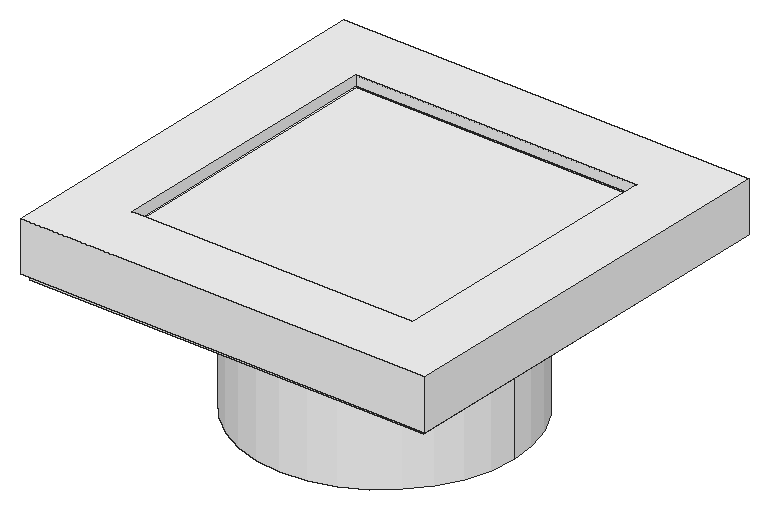
Revit family "Gira_110401", category Electrical Fixtures, host Face, Revit 2017
Family settings
  Host = Face
  Maintain Annotation Orientation = Yes
  Round Connector Dimension = Use Diameter
  Part Type = Normal
  Cut with Voids When Loaded = No
  Shared = No
  Room Calculation Point = No
Parameters (values of type "Wippschalter Anzeige Hotelzimmerstatus System 55 Cremeweiß")
  Zusammenstellung = "Basiselement mit zentraler Abdeckplatte"
  White [instance] = White
  Werkstoffgüte = "sonstige"
  Werkstoff = "sonstige"
  Waschmaschinenschalter = "No"
  URL = "http://katalog.gira.de/de_DE/datenblatt.html?artikelnr=110401"
  Textfeld/Beschriftungsfläche = "nein"
  Tastschalter = "No"
  Schaltungsart = "Serienschalter"
  Rückmeldekontakt = "No"
  Region = "DE"
  RAL-Nummer (ähnlich) = "1013 "
  Oberfläche = "sonstige"
  Nennspannung = "250 Volt"
  Name = "Wippschalter Anzeige Hotelzimmerstatus System 55 Cremeweiß"
  Montageart = "unter Putz"
  Model = "Sys55_Komplettgerät_Schalten und Tasten"
  Mit Montageplatte = "No"
  Manufacturer URL = "https://www.gira.de/"
  HeinzeBIM = "https://bimportal.heinze.de/bim/wippschalter-anzeige-hotelzimmerstatus-system-55-cremeweiss/34cb5ede3f06f9b5670cf2ee9926abbb9b8f6662"
  Halogenfrei = "Yes"
  HAN = "110401"
  Geeignet für Schutzart (IP) = "IP20"
  GTIN = "4010337104018"
  Farbe = "cremeweiß (elektroweiß)"
  Default Elevation = 1219.2 mm
  Data sheet (1) = "https://katalog.gira.de/de_DE/download.html?artikelnr=110401"
  Category = "Installationsschalter"
  Bemessungsstrom = "10 Ampere"
  Beleuchtung = "nein"
  Befestigungsart = "Krallen-/Schraubbefestigung"
  Bedienungsart = "Wippe/Taste"
  Available = "Yes"
  Ausführung der Oberfläche = "glänzend"
  Anzahl der Module (bei Modulbauweise) = "1 "
  Anzahl der Betätigungswippen = "2 "
  Anschlussart = "Steckklemme"
Reference planes
  plane 1 "Center (Front/Back)": y = 0
  plane 2: z = 0
  plane 3 "Center (Left/Right)": x = 0
Forms (mm)
  Extrusion 1, solid, material "White" <- "White", detail levels medium
    sketch origin (0, 0, 0) x (1, 0, 0) y (0, 1, 0)
      loop
        line (-40.4, 40.4) -> (-40.4, -40.4) -> (40.4, -40.4) -> (40.4, 40.4) -> (-40.4, 40.4)
      loop
        line (-28, 28) -> (-28, -28) -> (28, -28) -> (28, 28) -> (-28, 28)
    from 0 to 10
  Extrusion 2, solid, material "White" <- "White", detail levels fine
    sketch origin (0, 0, 0) x (1, 0, 0) y (0, 1, 0)
      loop
        line (-40.4, 40.4) -> (-40.4, -40.4) -> (40.4, -40.4) -> (40.4, 40.4) -> (-40.4, 40.4)
      loop
        line (-28, 28) -> (-28, -28) -> (28, -28) -> (28, 28) -> (-28, 28)
    from 0 to 10
  Extrusion 3, void
    sketch origin (0, 0, 0) x (1, 0, 0) y (0, 1, 0)
      loop
        line (-38.4, 38.4) -> (-38.4, -38.4) -> (38.4, -38.4) -> (38.4, 38.4) -> (-38.4, 38.4)
    from 0 to 8
  Extrusion 4, solid, material "White" <- "White", detail levels medium+fine
    sketch origin (0, 0, 0) x (1, 0, 0) y (0, 1, 0)
      loop
        line (-39.4, 39.4) -> (-39.4, -39.4) -> (39.4, -39.4) -> (39.4, 39.4) -> (-39.4, 39.4)
    from 0 to -1
  Extrusion 5, solid, material "White" <- "White", detail levels medium+fine
    sketch origin (0, 0, 0) x (1, 0, 0) y (0, 1, 0)
      loop
        line (-35.5, 35.5) -> (-35.5, -35.5) -> (35.5, -35.5) -> (35.5, 35.5) -> (-35.5, 35.5)
    from -2 to -3
  Extrusion 6, solid, material "White" <- "White", detail levels medium+fine
    sketch origin (0, 0, 0) x (1, 0, 0) y (0, 1, 0)
      loop
        circle (0, 0) r 26
    from 0 to -27.5
  Extrusion 7, solid, material "White" <- "White", detail levels coarse
    sketch origin (0, 0, 0) x (1, 0, 0) y (0, 1, 0)
      loop
        line (-40.4, 40.4) -> (-40.4, -40.4) -> (40.4, -40.4) -> (40.4, 40.4) -> (-40.4, 40.4)
    from -27.5 to 10
Cuts and joins
  Extrusion 3 cuts Extrusion 2
Dimensions and locks
  aligned and locked: plane 2 to host face
  aligned and locked: level to host face
  aligned and locked: plane 3 "Center (Left/Right)" to nested 2
  aligned and locked: plane 1 "Center (Front/Back)" to nested 2
Nested families
  nested 1: "Sys55_Abdeckung_Schalten und Tasten_floor_base" at (0, 0, 0), type "Sys55_Abdeckung_Schalten und Tasten_floor_base"
  nested 2: "Schalter" at (0, 0, 0), type "Schalter"
Connectors
  electrical at (0, 0, -27.5)
    settings: on Extrusion 6, index 1, voltage 220 V, apparent load 0 VA, apparent load phase1 0 VA, apparent load phase2 0 VA, apparent load phase3 0 VA, power factor 1, load classification "Other", number of poles 1, system type 30, power factor state 1, is connector primary yes, connector utility no, sub classification motor no, connector description ""
Definition of nested family "Sys55_Abdeckung_Schalten und Tasten_floor_base"
  Parameters
    Default Elevation = 1219.2 mm
    White [instance] = none
  Reference planes
    plane 1 "Center (Front/Back)": y = 0
    plane 2: z = 0
    plane 3 "Center (Left/Right)": x = 0
  Forms (mm)
    Extrusion 1, solid
      sketch origin (0, 0, 0) x (1, 0, 0) y (0, 1, 0)
        loop
          line (-1219.2, 1219.2) -> (-1219.2, -1219.2) -> (1219.2, -1219.2) -> (1219.2, 1219.2) -> (-1219.2, 1219.2)
      from 0 to -304.8
    Extrusion 2, solid, material <- "White", detail levels fine
      sketch origin (0, 0, 0) x (1, 0, 0) y (0, 1, 0)
        loop
          line (-27.5, 27.5) -> (-27.5, -27.5) -> (27.5, -27.5) -> (27.5, 27.5) -> (-27.5, 27.5)
      from 0 to 8
    Extrusion 3, void
      sketch origin (0, 0, 0) x (1, 0, 0) y (0, 1, 0)
        loop
          line (26, 26) -> (-26, 26) -> (-26, -26) -> (26, -26) -> (26, 26)
      from 0 to 6
    Extrusion 4, solid, material <- "White", detail levels medium
      sketch origin (0, 0, 0) x (1, 0, 0) y (0, 1, 0)
        loop
          line (-27.5, 27.5) -> (-27.5, -27.5) -> (27.5, -27.5) -> (27.5, 27.5) -> (-27.5, 27.5)
      from 0 to 8
    Extrusion 5, solid, material <- "White", detail levels medium
      sketch origin (0, 0, 0) x (1, 0, 0) y (0, 1, 0)
        loop
          line (11, -17.5) -> (11, 17.5) -> (-11, 17.5) -> (-11, -17.5) -> (11, -17.5)
      from -6 to 6
    Extrusion 6, solid, material <- "White", detail levels fine
      sketch origin (0, 0, 0) x (1, 0, 0) y (0, 1, 0)
        loop
          line (11, 17.5) -> (-11, 17.5) -> (-11, 16.5) -> (11, 16.5) -> (11, 17.5)
        loop
          line (-11, -16.5) -> (-11, -17.5) -> (11, -17.5) -> (11, -16.5) -> (-11, -16.5)
      from -4 to 6
    Extrusion 7, solid, material <- "White", detail levels fine
      sketch origin (0, 0, 0) x (1, 0, 0) y (0, 1, 0)
        loop
          arc (5, 9.347) -> (0, 10.6) -> (-5, 9.347) r 10.6
          line (-5, 9.347) -> (-5, -9.347)
          arc (-5, -9.347) -> (0, -10.6) -> (5, -9.347) r 10.6
          line (5, -9.347) -> (5, 9.347)
      from -6 to 6
    Extrusion 8, solid, material <- "White", detail levels coarse
      sketch origin (0, 0, 0) x (1, 0, 0) y (0, 1, 0)
        loop
          line (-27.5, 27.5) -> (-27.5, -27.5) -> (27.5, -27.5) -> (27.5, 27.5) -> (-27.5, 27.5)
      from -6 to 8
  Cuts and joins
    Extrusion 3 cuts Extrusion 2
  Dimensions and locks
    aligned and locked: plane 2 to Extrusion 1
    aligned and locked: level to Extrusion 1
Definition of nested family "Schalter"
  Reference planes
    plane 1: y = 0
    plane 2: x = 0
  Lines and regions (mm)
    detail lines
      curve 1: circle (1.375, 2.778, 0) r 0.8 normal (0, 0, 1)
      curve 2: line (1.021, 2.061, 0) -> (0, 0, 0)
      curve 3: line (0, 0, 0) -> (-0.538, 0.266, 0)
  Dimensions and locks
    curve 2 to curve 2 = 2.3 mm
    curve 3 to curve 2 = 0.6 mm
    radius of curve 1 = 0.8 mm
